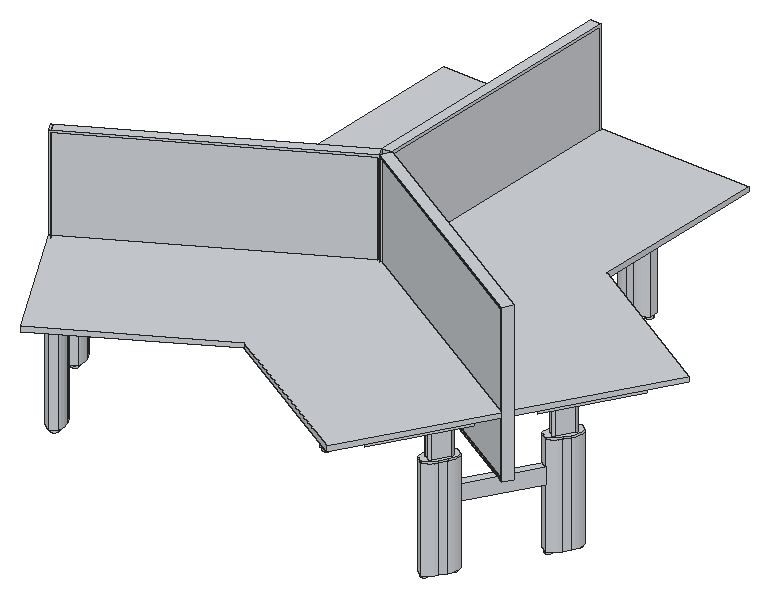
Revit family "3WayPod_08", category Furniture, Revit 2013 (continued)
Dimensions and locks
  aligned and locked: Extrusion 10 sketch curve to plane 73
  aligned and locked: Extrusion 11 sketch curve to plane 94  (x2)
  aligned and locked: Extrusion 11 sketch curve to plane 87
  aligned and locked: Extrusion 11 sketch curve to plane 95
  aligned and locked: Extrusion 11 sketch curve to plane 86
  aligned and locked: plane 91 to Extrusion 11 sketch curve
  aligned and locked: Extrusion 11 sketch curve to plane 90 "Bridge 1A 3B"
  aligned and locked: plane 95 to Extrusion 11 sketch curve
  aligned and locked: plane 97 to Extrusion 12 sketch curve  (x2)
  aligned and locked: Extrusion 12 sketch curve to plane 100
  aligned and locked: Extrusion 12 sketch curve to plane 98  (x2)
  aligned and locked: plane 99 "Bridge 1B 2A" to Extrusion 12 sketch curve
  aligned and locked: Extrusion 12 sketch curve to plane 104
  aligned and locked: plane 103 to Extrusion 12 sketch curve
  aligned and locked: plane 116 to Extrusion 13 sketch curve
  aligned and locked: Extrusion 13 sketch curve to plane 111
  aligned and locked: Extrusion 13 sketch curve to plane 115
  aligned and locked: plane 112 to Extrusion 13 sketch curve
  aligned and locked: plane 115 to Extrusion 13 sketch curve
  aligned and locked: plane 107 "Bridge 2B 3A" to Extrusion 13 sketch curve
  aligned and locked: Extrusion 13 sketch curve to plane 116
  aligned and locked: Extrusion 13 sketch curve to plane 108
  aligned and locked: Extrusion 14 sketch curve to plane 94  (x2)
  aligned and locked: plane 86 to Extrusion 14 sketch curve
  aligned and locked: plane 95 to Extrusion 14 sketch curve  (x2)
  aligned and locked: Extrusion 14 sketch curve to plane 87
  aligned and locked: Extrusion 14 sketch curve to plane 90 "Bridge 1A 3B"
  aligned and locked: plane 91 to Extrusion 14 sketch curve
  aligned and locked: Extrusion 15 sketch curve to plane 104
  aligned and locked: Extrusion 15 sketch curve to plane 98  (x2)
  aligned and locked: plane 103 to Extrusion 15 sketch curve
  aligned and locked: plane 97 to Extrusion 15 sketch curve
  aligned and locked: Extrusion 15 sketch curve to plane 100
  aligned and locked: plane 99 "Bridge 1B 2A" to Extrusion 15 sketch curve
  aligned and locked: plane 107 "Bridge 2B 3A" to Extrusion 16 sketch curve
  aligned and locked: plane 115 to Extrusion 16 sketch curve  (x2)
  aligned and locked: Extrusion 16 sketch curve to plane 108
  aligned and locked: Extrusion 16 sketch curve to plane 116  (x2)
  aligned and locked: plane 111 to Extrusion 16 sketch curve
  aligned and locked: Extrusion 16 sketch curve to plane 112
  aligned and locked: Extrusion 21 sketch curve to plane 86
  aligned and locked: plane 85 to Extrusion 21 sketch curve
  aligned and locked: plane 90 "Bridge 1A 3B" to Extrusion 21 sketch curve
  aligned and locked: Extrusion 21 sketch curve to plane 84
  aligned and locked: Extrusion 21 sketch curve to plane 99 "Bridge 1B 2A"
  aligned and locked: plane 120 to Extrusion 21 sketch curve
  aligned and locked: Extrusion 21 sketch curve to plane 119
  aligned and locked: plane 104 to Extrusion 21 sketch curve
  aligned and locked: Extrusion 21 sketch curve to plane 107 "Bridge 2B 3A"
  aligned and locked: plane 117 to Extrusion 21 sketch curve
  aligned and locked: Extrusion 21 sketch curve to plane 118
  aligned and locked: plane 112 to Extrusion 21 sketch curve
  aligned and locked: Extrusion 22 sketch curve to plane 148
  aligned and locked: Extrusion 22 sketch curve to plane 143
  aligned and locked: plane 149 to Extrusion 22 sketch curve
  aligned and locked: Extrusion 23 sketch curve to plane 145
  aligned and locked: plane 150 to Extrusion 23 sketch curve
  aligned and locked: Extrusion 23 sketch curve to plane 151
  aligned and locked: plane 147 to Extrusion 24 sketch curve
  aligned and locked: plane 153 to Extrusion 24 sketch curve
  aligned and locked: Extrusion 24 sketch curve to plane 152
  aligned and locked: plane 157 to Extrusion 25 sketch curve
  aligned and locked: Extrusion 1 to Extrusion 25 sketch curve
  aligned and locked: Extrusion 25 sketch curve to plane 158
  aligned and locked: plane 31 "Inner Top Face" to Extrusion 25 sketch curve
  aligned and locked: plane 33 to Extrusion 25 sketch curve  (x2)
  aligned and locked: Extrusion 25 sketch curve to plane 159
  aligned and locked: plane 160 to Extrusion 25 sketch curve
  aligned and locked: Extrusion 1 to Extrusion 26 sketch curve
  aligned and locked: Extrusion 26 sketch curve to plane 162
  aligned and locked: plane 161 to Extrusion 26 sketch curve
  aligned and locked: plane 33 to Extrusion 26 sketch curve  (x2)
  aligned and locked: plane 31 "Inner Top Face" to Extrusion 26 sketch curve
  aligned and locked: plane 164 to Extrusion 26 sketch curve
  aligned and locked: Extrusion 26 sketch curve to plane 163
  aligned and locked: Extrusion 1 to Extrusion 27 sketch curve
  aligned and locked: plane 170 to Extrusion 27 sketch curve  (x2)
  aligned and locked: plane 165 to Extrusion 27 sketch curve
  aligned and locked: Extrusion 27 sketch curve to plane 166
  aligned and locked: plane 169 to Extrusion 27 sketch curve
  aligned and locked: plane 167 to Extrusion 27 sketch curve
  aligned and locked: Extrusion 27 sketch curve to plane 168
  aligned and locked: Extrusion 28 sketch curve to plane 176
  aligned and locked: Extrusion 28 sketch curve to plane 181
  aligned and locked: plane 173 to Extrusion 28 sketch curve
  aligned and locked: plane 182 to Extrusion 28 sketch curve
  aligned and locked: Extrusion 29 sketch curve to plane 174
  aligned and locked: plane 177 to Extrusion 29 sketch curve
  aligned and locked: Extrusion 29 sketch curve to plane 178
  aligned and locked: plane 171 to Extrusion 29 sketch curve
  aligned and locked: Extrusion 30 sketch curve to plane 195
  aligned and locked: plane 203 to Extrusion 30 sketch curve
  aligned and locked: plane 196 to Extrusion 30 sketch curve
  aligned and locked: Extrusion 30 sketch curve to plane 204
  aligned and locked: plane 205 to Extrusion 31 sketch curve
  aligned and locked: Extrusion 31 sketch curve to plane 199
  aligned and locked: Extrusion 31 sketch curve to plane 206
  aligned and locked: plane 200 to Extrusion 31 sketch curve
  aligned and locked: plane 197 to Extrusion 32 sketch curve
  aligned and locked: plane 201 to Extrusion 32 sketch curve
  aligned and locked: Extrusion 32 sketch curve to plane 198
  aligned and locked: Extrusion 32 sketch curve to plane 202
  aligned and locked: Extrusion 33 sketch curve to plane 202
  aligned and locked: plane 197 to Extrusion 33 sketch curve
  aligned and locked: plane 201 to Extrusion 33 sketch curve
  aligned and locked: Extrusion 33 sketch curve to plane 198
  aligned and locked: Extrusion 34 sketch curve to plane 195
  aligned and locked: plane 203 to Extrusion 34 sketch curve
  aligned and locked: Extrusion 34 sketch curve to plane 196
  aligned and locked: Extrusion 34 sketch curve to plane 204
  aligned and locked: plane 205 to Extrusion 35 sketch curve
  aligned and locked: Extrusion 35 sketch curve to plane 200
  aligned and locked: Extrusion 35 sketch curve to plane 199
  aligned and locked: Extrusion 35 sketch curve to plane 206
  aligned and locked: Extrusion 38 sketch curve to plane 141 "Screen Base"
  aligned and locked: plane 18 to Extrusion 38 sketch curve
  aligned and locked: plane 228 to Extrusion 38 sketch curve
  aligned and locked: Extrusion 40 sketch curve to plane 20
  aligned and locked: Extrusion 40 sketch curve to plane 228
  aligned and locked: plane 141 "Screen Base" to Extrusion 40 sketch curve
  aligned and locked: Extrusion 41 sketch curve to plane 228
  aligned and locked: Extrusion 41 sketch curve to plane 22
  aligned and locked: plane 141 "Screen Base" to Extrusion 41 sketch curve
  aligned and locked: Extrusion 38 to Extrusion 42 sketch curve  (x3)
  aligned and locked: Extrusion 42 sketch curve to Extrusion 38
  aligned and locked: Extrusion 43 sketch curve to Extrusion 40  (x3)
  aligned and locked: Extrusion 43 sketch curve to plane 141 "Screen Base"
  aligned and locked: Extrusion 41 to Extrusion 44 sketch curve
  aligned and locked: Extrusion 44 sketch curve to Extrusion 41  (x3)
Automatic sketch dimensions
  Extrusion 8 sketch curve to plane 53 = 0 mm  (x4)
  Extrusion 8 sketch curve to plane 52 = 0 mm  (x3)
  Extrusion 8 sketch curve to plane 54 = 0 mm  (x2)
  Extrusion 8 sketch curve to plane 55 = 0 mm
  Extrusion 8 sketch curve to Extrusion 8 sketch curve = 10.392 mm  (x2)
  Extrusion 8 sketch curve to Extrusion 8 sketch curve = 6 mm  (x2)
  plane 49 to Extrusion 8 sketch curve = 13 mm
  plane 48 to Extrusion 8 sketch curve = 12 mm
  plane 64 to Extrusion 9 sketch curve = 0 mm  (x3)
  plane 65 to Extrusion 9 sketch curve = 0 mm  (x2)
  plane 58 to Extrusion 9 sketch curve = 13 mm  (x2)
  Extrusion 9 sketch curve to plane 63 = 0 mm
  plane 80 to Extrusion 10 sketch curve = 0 mm  (x7)
  plane 79 to Extrusion 10 sketch curve = 0 mm  (x3)
  plane 78 to Extrusion 10 sketch curve = 0 mm  (x8)
  plane 81 to Extrusion 10 sketch curve = 0 mm  (x2)
  plane 82 to Extrusion 10 sketch curve = 0 mm  (x2)
  plane 83 to Extrusion 10 sketch curve = 0 mm  (x2)
  Extrusion 11 sketch curve to plane 89 = 0 mm  (x2)
  Extrusion 11 sketch curve to plane 88 = 0 mm  (x2)
  Extrusion 11 sketch curve to plane 93 = 0 mm  (x2)
  Extrusion 11 sketch curve to plane 92 = 0 mm  (x2)
  Extrusion 11 sketch curve to plane 84 = 0 mm  (x2)
  Extrusion 11 sketch curve to plane 85 = 0 mm  (x2)
  plane 85 to Extrusion 11 sketch curve = 0 mm  (x2)
  Extrusion 11 sketch curve to plane 23 = 29 mm
  Extrusion 11 sketch curve to Extrusion 11 sketch curve = 40 mm
  plane 119 to Extrusion 12 sketch curve = 0 mm  (x4)
  Extrusion 12 sketch curve to plane 101 = 0 mm  (x4)
  Extrusion 12 sketch curve to plane 102 = 0 mm  (x4)
  plane 120 to Extrusion 12 sketch curve = 0 mm  (x4)
  Extrusion 12 sketch curve to plane 105 = 0 mm  (x4)
  Extrusion 12 sketch curve to plane 106 = 0 mm  (x4)
  plane 117 to Extrusion 13 sketch curve = 0 mm  (x4)
  plane 110 to Extrusion 13 sketch curve = 0 mm  (x4)
  plane 109 to Extrusion 13 sketch curve = 0 mm  (x4)
  plane 118 to Extrusion 13 sketch curve = 0 mm  (x4)
  plane 114 to Extrusion 13 sketch curve = 0 mm  (x4)
  plane 113 to Extrusion 13 sketch curve = 0 mm  (x4)
  plane 119 to Extrusion 15 sketch curve = 0 mm  (x4)
  Extrusion 15 sketch curve to plane 101 = 0 mm  (x4)
  Extrusion 15 sketch curve to plane 102 = 0 mm  (x4)
  plane 120 to Extrusion 15 sketch curve = 0 mm  (x4)
  plane 97 to Extrusion 15 sketch curve = 0 mm  (x2)
  Extrusion 15 sketch curve to plane 105 = 0 mm  (x4)
  Extrusion 15 sketch curve to plane 106 = 0 mm  (x4)
  Extrusion 14 sketch curve to plane 89 = 0 mm  (x2)
  Extrusion 14 sketch curve to plane 88 = 0 mm  (x2)
  Extrusion 14 sketch curve to plane 93 = 0 mm  (x2)
  Extrusion 14 sketch curve to plane 92 = 0 mm  (x2)
  Extrusion 14 sketch curve to plane 84 = 0 mm  (x4)
  Extrusion 14 sketch curve to plane 85 = 0 mm  (x4)
  plane 117 to Extrusion 16 sketch curve = 0 mm  (x4)
  plane 110 to Extrusion 16 sketch curve = 0 mm  (x4)
  plane 109 to Extrusion 16 sketch curve = 0 mm  (x4)
  plane 118 to Extrusion 16 sketch curve = 0 mm  (x4)
  plane 114 to Extrusion 16 sketch curve = 0 mm  (x4)
  plane 113 to Extrusion 16 sketch curve = 0 mm  (x4)
  Extrusion 17 sketch curve to plane 49 = 0 mm  (x4)
  Extrusion 17 sketch curve to plane 128 = 0 mm
  Extrusion 17 sketch curve to plane 127 = 0 mm
  Extrusion 17 sketch curve to plane 126 = 0 mm
  Extrusion 17 sketch curve to plane 125 = 0 mm
  plane 58 to Extrusion 18 sketch curve = 0 mm  (x4)
  Extrusion 18 sketch curve to plane 132 = 0 mm
  Extrusion 18 sketch curve to plane 131 = 0 mm
  Extrusion 18 sketch curve to plane 134 = 0 mm
  Extrusion 18 sketch curve to plane 133 = 0 mm
  plane 75 to Extrusion 19 sketch curve = 0 mm  (x4)
  plane 137 to Extrusion 19 sketch curve = 0 mm
  plane 138 to Extrusion 19 sketch curve = 0 mm
  plane 140 to Extrusion 19 sketch curve = 0 mm
  plane 139 to Extrusion 19 sketch curve = 0 mm
  plane 75 to Extrusion 20 sketch curve = 0 mm  (x4)
  plane 139 to Extrusion 20 sketch curve = 0 mm
  plane 140 to Extrusion 20 sketch curve = 0 mm
  plane 138 to Extrusion 20 sketch curve = 0 mm
  plane 137 to Extrusion 20 sketch curve = 0 mm
  Extrusion 20 sketch curve to plane 49 = 0 mm  (x4)
  Extrusion 20 sketch curve to plane 125 = 0 mm
  Extrusion 20 sketch curve to plane 126 = 0 mm
  Extrusion 20 sketch curve to plane 127 = 0 mm
  Extrusion 20 sketch curve to plane 128 = 0 mm
  plane 58 to Extrusion 20 sketch curve = 0 mm  (x4)
  Extrusion 20 sketch curve to plane 133 = 0 mm
  Extrusion 20 sketch curve to plane 134 = 0 mm
  Extrusion 20 sketch curve to plane 131 = 0 mm
  Extrusion 20 sketch curve to plane 132 = 0 mm
  plane 193 to Extrusion 28 sketch curve = 0 mm  (x2)
  Extrusion 28 sketch curve to plane 185 = 0 mm  (x4)
  Extrusion 28 sketch curve to plane 186 = 0 mm  (x4)
  plane 194 to Extrusion 28 sketch curve = 0 mm  (x2)
  Extrusion 29 sketch curve to plane 189 = 0 mm  (x2)
  Extrusion 29 sketch curve to plane 190 = 0 mm  (x2)
  Extrusion 30 sketch curve to plane 151 = 0 mm  (x2)
  Extrusion 30 sketch curve to plane 150 = 0 mm  (x2)
  Extrusion 30 sketch curve to plane 210 = 0 mm  (x4)
  Extrusion 30 sketch curve to plane 209 = 0 mm  (x4)
  Extrusion 31 sketch curve to plane 152 = 0 mm  (x2)
  Extrusion 31 sketch curve to plane 153 = 0 mm  (x2)
  plane 211 to Extrusion 31 sketch curve = 0 mm  (x2)
  plane 212 to Extrusion 31 sketch curve = 0 mm  (x2)
  plane 148 to Extrusion 32 sketch curve = 0 mm  (x2)
  plane 149 to Extrusion 32 sketch curve = 0 mm  (x2)
  Extrusion 32 sketch curve to plane 208 = 0 mm  (x4)
  Extrusion 32 sketch curve to plane 207 = 0 mm  (x4)
  plane 148 to Extrusion 33 sketch curve = 0 mm  (x2)
  plane 149 to Extrusion 33 sketch curve = 0 mm  (x2)
  Extrusion 33 sketch curve to plane 208 = 0 mm  (x4)
  Extrusion 33 sketch curve to plane 207 = 0 mm  (x4)
  Extrusion 34 sketch curve to plane 151 = 0 mm  (x2)
  Extrusion 34 sketch curve to plane 150 = 0 mm  (x2)
  Extrusion 34 sketch curve to plane 210 = 0 mm  (x4)
  Extrusion 34 sketch curve to plane 209 = 0 mm  (x4)
  Extrusion 35 sketch curve to plane 152 = 0 mm  (x2)
  Extrusion 35 sketch curve to plane 153 = 0 mm  (x2)
  plane 211 to Extrusion 35 sketch curve = 0 mm  (x2)
  plane 212 to Extrusion 35 sketch curve = 0 mm  (x2)
  plane 4 "Screen CL 2B 3A" to Extrusion 36 sketch curve = 0 mm  (x2)
  Extrusion 36 sketch curve to plane 216 = 0 mm
  Extrusion 36 sketch curve to plane 217 = 0 mm
  Extrusion 36 sketch curve to plane 2 "Center (Left/Right)" = 0 mm  (x2)
  Extrusion 36 sketch curve to plane 3 "Screen CL 1B 2A" = 0 mm  (x2)
  Extrusion 36 sketch curve to plane 219 = 0 mm
  Extrusion 36 sketch curve to plane 218 = 0 mm
  plane 220 to Extrusion 36 sketch curve = 0 mm
  plane 221 to Extrusion 36 sketch curve = 0 mm
  Extrusion 37 sketch curve to plane 3 "Screen CL 1B 2A" = 0 mm  (x2)
  Extrusion 37 sketch curve to plane 218 = 0 mm
  Extrusion 37 sketch curve to plane 219 = 0 mm
  Extrusion 37 sketch curve to plane 2 "Center (Left/Right)" = 0 mm  (x2)
  plane 4 "Screen CL 2B 3A" to Extrusion 37 sketch curve = 0 mm  (x2)
  Extrusion 37 sketch curve to plane 217 = 0 mm
  Extrusion 37 sketch curve to plane 216 = 0 mm
  plane 221 to Extrusion 37 sketch curve = 0 mm
  plane 220 to Extrusion 37 sketch curve = 0 mm
  Extrusion 39 sketch curve to plane 191 = 0 mm  (x2)
  Extrusion 39 sketch curve to plane 183 = 0 mm  (x4)
  Extrusion 39 sketch curve to plane 184 = 0 mm  (x4)
  Extrusion 39 sketch curve to plane 192 = 0 mm  (x2)
  Extrusion 40 sketch curve to plane 20 = 10 mm
  plane 141 "Screen Base" to Extrusion 40 sketch curve = 10 mm
  Extrusion 40 sketch curve to plane 228 = 10 mm
  Extrusion 40 sketch curve to Extrusion 40 sketch curve = 10 mm
  radius of Extrusion 17 sketch curve = 11 mm  (x4)
  radius of Extrusion 18 sketch curve = 11 mm  (x4)
  radius of Extrusion 19 sketch curve = 11 mm  (x4)
  radius of Extrusion 20 sketch curve = 19 mm  (x12)
  radius of Extrusion 36 sketch curve = 11 mm  (x6)
  radius of Extrusion 37 sketch curve = 19 mm  (x6)
Types (9, lengths in mm): name | Worktop Length 3A | Worktop Length 2A | Worktop Length 1A | Screen thickness 3 | Screen Thickness 2 | Screen Thickness | Screen Length | Screen Height AFL | Half Panel thickness | Half Panel Thickness Neg | Half Acutal Screen Frame Thickness | Half Actual Screen Frame Thickness | Auto Half Screen Thickness 3 | Auto Half Screen Thickness 2 | Auto Half Screen Thickness
  (no name) | 1350 | 1350 | 1350 | 50 | 50 | 50 | 1336.8 | 1200 | 22 | -22 | -25 | 25 | 25 | 25 | 25
  1200Lx1200Lx750D, Z50@1200AFL | 1200 | 1200 | 1200 | 50 | 50 | 50 | 1186.8 | 1200 | 22 | -22 | -25 | 25 | 25 | 25 | 25
  1200Lx1200Lx750D, Z22@1200AFL | 1200 | 1200 | 1200 | 22 | 22 | 22 | 1186.8 | 1200 | 8 | -8 | -11 | 11 | 11 | 11 | 11
  1200Lx1200Lx750D, Z22@1350AFL | 1200 | 1200 | 1200 | 22 | 22 | 22 | 1186.8 | 1350 | 8 | -8 | -11 | 11 | 11 | 11 | 11
  1200Lx1200Lx750D, Z50@1350AFL | 1200 | 1200 | 1200 | 50 | 50 | 50 | 1186.8 | 1350 | 22 | -22 | -25 | 25 | 25 | 25 | 25
  1350Lx1350Lx750D, Z22@1200AFL | 1350 | 1350 | 1350 | 22 | 22 | 22 | 1336.8 | 1200 | 8 | -8 | -11 | 11 | 11 | 11 | 11
  1350Lx1350Lx750D, Z22@1350AFL | 1350 | 1350 | 1350 | 22 | 22 | 22 | 1336.8 | 1350 | 8 | -8 | -11 | 11 | 11 | 11 | 11
  1350Lx1350Lx750D, Z50@1350AFL | 1350 | 1350 | 1350 | 50 | 50 | 50 | 1336.8 | 1350 | 22 | -22 | -25 | 25 | 25 | 25 | 25
  1350Lx1350Lx750D, Z50@1200AFL | 1350 | 1350 | 1350 | 50 | 50 | 50 | 1336.8 | 1200 | 22 | -22 | -25 | 25 | 25 | 25 | 25
